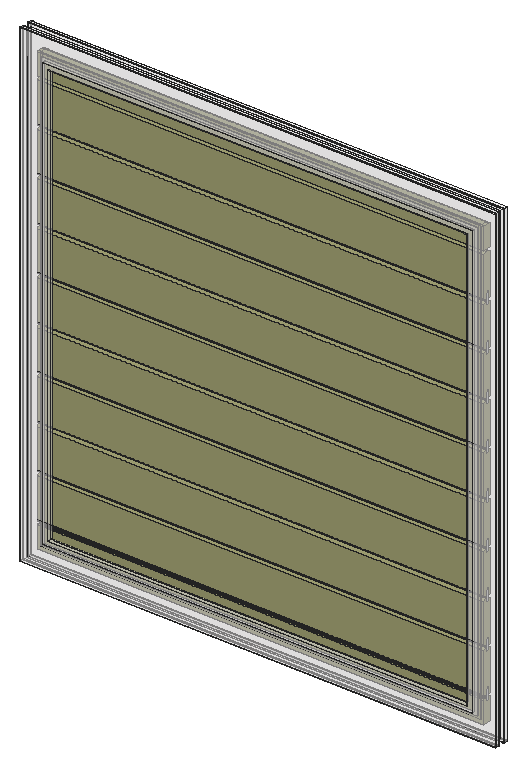
Revit family "Door-Gate-Panel_ToughGate_CityScapes", category Generic Models, Revit 2020
Family settings
  Can host rebar = No
  Round Connector Dimension = Use Diameter
  Part Type = Normal
  Work Plane-Based = No
  Always vertical = Yes
  Cut with Voids When Loaded = No
  Shared = No
  Room Calculation Point = No
Parameters
  URL = "https://cityscapesinc.com/products/envisor"
  TPole_Height = "5"
  Stiffner_Spacing = rounddown(Panel_Height / 0' 5 7/16")  # 11
  Specification = "https://www.arcat.com/company/cityscapes-international-inc-40042/spec"
  Product Page URL = "https://www.arcat.com/arcatcos/cos40/arc40042.html"
  Post_Distance = "0.778839057"
  Pole_Right_Viz = "1"
  Pole_Left_Viz = "1"
  Panel_Width = 5' - 0"
  Panel_Height = 5' - 0"
  Model = "ToughGate"
  Manufacturer = "Envisor"
  MATERIAL [instance] = MATERIAL
  LOUVER SPACING = rounddown(Panel_Height / 0' 6 31/64")  # 9
  Keynote = "32 31 00"
  FRAME MATERIAL [instance] = Default
  Default Elevation = 0' - 0"
  Copyright = "ARCAT"
  CAD Details = "https://www.arcat.com/company/cityscapes-international-inc-40042/cad"
Reference planes (in)
  plane 1 "Center (Front/Back)": y = 0
  plane 2: z = 13.6766607
  plane 3 "Center (Left/Right)": x = 0
  plane 4: z = 45.6766607
  plane 5: z = 78.0291027
  plane 6: y = 0.5
  plane 7: y = -0.5
  plane 8: z = 15.6766607
  plane 9: z = 75.6766607
  plane 10: z = 60.647558
  plane 11: z = 72.6766607
  plane 12: z = 72.1766607
  plane 13: x = -30
  plane 14: x = 30
  plane 15: x = 32
  plane 16: x = -32
  plane 17: z = 18.6766607
  plane 18: z = 19.1569069
Forms (in)
  Sweep 1, solid, material "Default" <- "FRAME MATERIAL"
    path in 3D
      loop
        line (32, 0, 78.0291027) -> (32, 0, 13.6766607) -> (-32, 0, 13.6766607) -> (-32, 0, 78.0291027) -> (32, 0, 78.0291027)
    profile "ToughGate_Profile_Head : ToughGate_Profile_Head" origin (0, 0, 78.0291027) x (0, 0, 1) y (0, -1, 0)
      loop
        line (-0.4114241, 0.3673132) -> (-0.0847654, 0.3673132)
        arc (-0.0847654, 0.3673132) -> (-0.0327268, 0.3858521) -> (-0.0054331, 0.4338809) r 0.0792727
        line (-0.0054331, 0.4338809) -> (-0.0054331, 0.9334323)
        arc (-0.0054331, 0.9334323) -> (-0.0319018, 0.9807592) -> (-0.0825992, 1) r 0.0792727
        line (-0.0825992, 1) -> (-3.125, 1) -> (-3.125, 0.6549289) -> (-2.72498, 0.6549289) -> (-2.72498, 0.5) -> (-2.4099713, 0.5)
        arc (-2.4099713, 0.5) -> (-2.373127, 0.479315) -> (-2.352442, 0.4424706) r 0.078125
        line (-2.352442, 0.4424706) -> (-2.352442, -0.4424706)
        arc (-2.352442, -0.4424706) -> (-2.373127, -0.479315) -> (-2.4099713, -0.5) r 0.078125
        line (-2.4099713, -0.5) -> (-2.72498, -0.5) -> (-2.72498, -0.6549289) -> (-3.125, -0.6549289) -> (-3.125, -1) -> (-0.0518876, -1)
        arc (-0.0518876, -1) -> (-0.0210325, -0.975954) -> (-0.0054331, -0.9400804) r 0.0792727
        line (-0.0054331, -0.9400804) -> (-0.0054331, -0.4338809)
        arc (-0.0054331, -0.4338809) -> (-0.0319018, -0.3865539) -> (-0.0825992, -0.3673132) r 0.0792727
        line (-0.0825992, -0.3673132) -> (-0.4114241, -0.3673132) -> (-0.4114241, 0.3673132)
  Sweep 2, solid, material "Default" <- "FRAME MATERIAL"
    path in 3D
      loop
        line (32, 0, 78.0291027) -> (32, 0, 13.6766607) -> (-32, 0, 13.6766607) -> (-32, 0, 78.0291027) -> (32, 0, 78.0291027)
    profile "ToughGate_Profile_SubHead : ToughGate_Profile_SubHead" origin (0, 0, 78.0291027) x (0, 0, 1) y (0, -1, 0)
      loop
        line (-3.125, -0.6549034) -> (-2.72498, -0.6549034) -> (-2.72498, -0.4999745) -> (-4.0054331, -0.4999745) -> (-4.0054331, -0.7499745)
        arc (-4.0054331, -0.7499745) -> (-3.9322098, -0.9267511) -> (-3.7554331, -0.9999745) r 0.25
        line (-3.7554331, -0.9999745) -> (-3.125, -0.9999745) -> (-3.125, -0.6549034)
  Sweep 3, solid, material "Default" <- "FRAME MATERIAL"
    path in 3D
      loop
        line (32, 0, 78.0291027) -> (32, 0, 13.6766607) -> (-32, 0, 13.6766607) -> (-32, 0, 78.0291027) -> (32, 0, 78.0291027)
    profile "ToughGate_Profile_SubHead : ToughGate_Profile_SubHead" origin (0, 0, 78.0291027) x (0, 0, 1) y (0, -1, 0)
      loop
        line (-3.125, 0.6549289) -> (-3.125, 1) -> (-3.7554331, 1)
        arc (-3.7554331, 1) -> (-3.9322098, 0.9267767) -> (-4.0054331, 0.75) r 0.25
        line (-4.0054331, 0.75) -> (-4.0054331, 0.5) -> (-2.72498, 0.5) -> (-2.72498, 0.6549289) -> (-3.125, 0.6549289)
Lines and regions (in)
  reference lines
    curve 1: line (-32, 0, 78.0291027) -> (-32, 0, 13.6766607)
    curve 2: line (32, 0, 78.0291027) -> (32, 0, 13.6766607)
    curve 3: line (-32, 0, 13.6766607) -> (32, 0, 13.6766607)
    curve 4: line (-32, 0, 78.0291027) -> (32, 0, 78.0291027)
  sketch lines
    curve 5: line (-32, 0, 78.0291027) -> (32, 0, 78.0291027)
    curve 6: line (-32, 0, 78.0291027) -> (32, 0, 78.0291027)
    curve 7: line (-32, 0, 78.0291027) -> (32, 0, 78.0291027)
    curve 8: line (-32, 0, 13.6766607) -> (32, 0, 13.6766607)
    curve 9: line (-32, 0, 78.0291027) -> (-32, 0, 13.6766607)
    curve 10: line (32, 0, 78.0291027) -> (32, 0, 13.6766607)
    curve 11: line (32, 0, 78.0291027) -> (32, 0, 13.6766607)
    curve 12: line (-32, 0, 13.6766607) -> (32, 0, 13.6766607)
    curve 13: line (-32, 0, 78.0291027) -> (-32, 0, 13.6766607)
    curve 14: line (-32, 0, 78.0291027) -> (-32, 0, 13.6766607)
    curve 15: line (32, 0, 78.0291027) -> (32, 0, 13.6766607)
    curve 16: line (-32, 0, 13.6766607) -> (32, 0, 13.6766607)
Dimensions and locks (in)
  equal spacing: plane 14, plane 3 "Center (Left/Right)", plane 13
  "Panel_Width": plane 14 to plane 13
  "Panel_Height": plane 9 to plane 8
  plane 8 to plane 2 = 0' - 2"
  locked: plane 5 to plane 9 at 2.352442
  plane 9 to nested 2 = 4' - 8.51975"
  plane 5 to plane 2 = 5' - 4.35244"
  plane 9 to plane 11 to plane 12 = 0' - 3" locked, 0' - 0 1/2" locked
  nested 2 to nested 2 = 0' - 5.3648"
  equal spacing: plane 9, plane 4, plane 8
  locked: plane 8 to plane 2 at 2
  locked: plane 13 to plane 16 at 2
  locked: plane 15 to plane 14 at 2
  locked: plane 17 to plane 8 at 3
  locked: plane 18 to plane 17 at 0.4802462
  plane 9 to plane 11 = 0' - 3"
  equal spacing: group 1, group 3, group 4, group 5, group 6, group 7, group 8, group 9, group 2  (x3)
  aligned and locked: plane 8 to nested 3
  aligned and locked: plane 9 to nested 1
  aligned and locked: nested 1 to plane 11
  aligned and locked: nested 1 to plane 14
  aligned and locked: nested 1 to plane 13
  aligned and locked: nested 3 to plane 14
  aligned and locked: nested 3 to plane 13
  aligned and locked: curve 1 to plane 16
  aligned and locked: curve 2 to plane 15
  aligned and locked: curve 3 to plane 2
  aligned and locked: curve 4 to plane 5
  aligned and locked: plane 3 "Center (Left/Right)" to nested 2
  aligned and locked: nested 2 to plane 18
  aligned and locked: plane 12 to nested 4
  aligned and locked: nested 4 to plane 1 "Center (Front/Back)"
Nested families (in)
  nested 1: "ToughGate_Panel_3inchPanel_Top" at (0, 0, 72.6766607) x (0, 1, 0) z (0, 0, 1), MATERIAL <- "MATERIAL", type "ToughGate_Panel_3inchPanel_Top"
    with MATERIAL MATERIAL, PL_Width 5' - 0"
  nested 2: "ToughGate_Panel_6inchPanel" at (0, 0, 18.9635857) x (0, 1, 0) z (0, 0, 1), MATERIAL <- "MATERIAL", RAIL MATERIAL <- "FRAME MATERIAL", type "ToughGate_Panel_6inchPanel"
    with RAIL MATERIAL Default, MATERIAL MATERIAL, PL_Width 5' - 0"
  nested 3: "ToughGate_Panel_3inchPanel_Top" at (0, 0, 15.6766607) x (0, 1, 0) z (0, 0, 1), MATERIAL <- "MATERIAL", type "ToughGate_Panel_3inchPanel_Top"
    with MATERIAL MATERIAL, PL_Width 5' - 0"
  nested 4: "ToughGate_Panel_6inchPanel" at (0, 0, 66.6185433) x (0, 1, 0) z (0, 0, 1), MATERIAL <- "MATERIAL", RAIL MATERIAL <- "FRAME MATERIAL", type "ToughGate_Panel_6inchPanel"
    with RAIL MATERIAL Default, MATERIAL MATERIAL, PL_Width 5' - 0"
  nested 5: "ToughGate_Panel_6inchPanel" at (0, 0, 24.9204554) x (0, 1, 0) z (0, 0, 1), MATERIAL <- "MATERIAL", RAIL MATERIAL <- "FRAME MATERIAL", type "ToughGate_Panel_6inchPanel"
    with RAIL MATERIAL Default, MATERIAL MATERIAL, PL_Width 5' - 0"
  nested 6: "ToughGate_Panel_6inchPanel" at (0, 0, 30.8773251) x (0, 1, 0) z (0, 0, 1), MATERIAL <- "MATERIAL", RAIL MATERIAL <- "FRAME MATERIAL", type "ToughGate_Panel_6inchPanel"
    with RAIL MATERIAL Default, MATERIAL MATERIAL, PL_Width 5' - 0"
  nested 7: "ToughGate_Panel_6inchPanel" at (0, 0, 36.8341948) x (0, 1, 0) z (0, 0, 1), MATERIAL <- "MATERIAL", RAIL MATERIAL <- "FRAME MATERIAL", type "ToughGate_Panel_6inchPanel"
    with RAIL MATERIAL Default, MATERIAL MATERIAL, PL_Width 5' - 0"
  nested 8: "ToughGate_Panel_6inchPanel" at (0, 0, 42.7910645) x (0, 1, 0) z (0, 0, 1), MATERIAL <- "MATERIAL", RAIL MATERIAL <- "FRAME MATERIAL", type "ToughGate_Panel_6inchPanel"
    with RAIL MATERIAL Default, MATERIAL MATERIAL, PL_Width 5' - 0"
  nested 9: "ToughGate_Panel_6inchPanel" at (0, 0, 48.7479342) x (0, 1, 0) z (0, 0, 1), MATERIAL <- "MATERIAL", RAIL MATERIAL <- "FRAME MATERIAL", type "ToughGate_Panel_6inchPanel"
    with RAIL MATERIAL Default, MATERIAL MATERIAL, PL_Width 5' - 0"
  nested 10: "ToughGate_Panel_6inchPanel" at (0, 0, 54.7048039) x (0, 1, 0) z (0, 0, 1), MATERIAL <- "MATERIAL", RAIL MATERIAL <- "FRAME MATERIAL", type "ToughGate_Panel_6inchPanel"
    with RAIL MATERIAL Default, MATERIAL MATERIAL, PL_Width 5' - 0"
  nested 11: "ToughGate_Panel_6inchPanel" at (0, 0, 60.6616736) x (0, 1, 0) z (0, 0, 1), MATERIAL <- "MATERIAL", RAIL MATERIAL <- "FRAME MATERIAL", type "ToughGate_Panel_6inchPanel"
    with RAIL MATERIAL Default, MATERIAL MATERIAL, PL_Width 5' - 0"
Definition of nested family "ToughGate_Panel_3inchPanel_Top"
  Parameters (values of type "ToughGate_Panel_3inchPanel_Top")
    PL_Width = 4' - 9"
    PL_FrameThickness = 2' - 0"
    MATERIAL [instance] = none
    Default Elevation = 0' - 0"
  Reference planes (in)
    plane 1 "Center (Front/Back)": y = 0
    plane 2: z = 0
    plane 3 "Center (Left/Right)": x = 0
    plane 4: y = 28.5
    plane 5: y = -28.5
    plane 6: x = -12
    plane 7: x = 12
    plane 8: z = 2.9424706
  Forms (in)
    Extrusion 1, solid, material <- "MATERIAL"
      sketch origin (0, 0, 0) x (1, 0, 0) y (0, 0, 1)
        loop
          arc (0.5, 2.9424706) -> (0.479315, 2.979315) -> (0.4424706, 3) r 0.078125
          line (0.4424706, 3) -> (-0.4424706, 3)
          arc (-0.4424706, 3) -> (-0.479315, 2.979315) -> (-0.5, 2.9424706) r 0.078125
          line (-0.5, 2.9424706) -> (-0.5, 0) -> (0.5, 0) -> (0.5, 2.9424706)
      from -28.5 to 28.5
  Dimensions and locks (in)
    equal spacing: plane 6, plane 3 "Center (Left/Right)", plane 7
    equal spacing: plane 4, plane 1 "Center (Front/Back)", plane 5
    "PL_Width": plane 4 to plane 5
    "PL_FrameThickness": plane 6 to plane 7
    aligned and locked: plane 2 to level
    aligned and locked: plane 4 to Extrusion 1
    aligned and locked: Extrusion 1 to plane 5
  Automatic sketch dimensions
    Extrusion 1 sketch curve to level = 0' - 0"
    plane 3 "Center (Left/Right)" to Extrusion 1 sketch curve = 0' - 0.44247"
    Extrusion 1 sketch curve to Extrusion 1 sketch curve = 0' - 2.94247"
    Extrusion 1 sketch curve to plane 3 "Center (Left/Right)" = 0' - 0.44247"
    Extrusion 1 sketch curve to Extrusion 1 sketch curve = 0' - 0.05753"  (x3)
    Extrusion 1 sketch curve to Extrusion 1 sketch curve = 0' - 0.0184"  (x3)
Definition of nested family "ToughGate_Panel_6inchPanel"
  Parameters (values of type "ToughGate_Panel_6inchPanel")
    RAIL MATERIAL [instance] = none
    PL_Width = 4' - 0"
    PL_FrameThickness = 2' - 0"
    MATERIAL [instance] = none
    FRAME MATERIAL = none
    Default Elevation = 0' - 0"
  Reference planes (in)
    plane 1 "Center (Front/Back)": y = 0
    plane 2: z = 0
    plane 3 "Center (Left/Right)": x = 0
    plane 4: y = 24
    plane 5: y = -24
    plane 6: x = -12
    plane 7: x = 12
    plane 8: z = 5.5581174
    plane 9: z = 0.1933213
  Forms (in)
    Extrusion 1, solid, material <- "MATERIAL"
      sketch origin (0, 0, 0) x (1, 0, 0) y (0, 0, 1)
        loop
          arc (-0.5, 0.2013563) -> (0, 0) -> (0.5, 0.2013563) r 0.7214682
          line (0.5, 0.2013563) -> (0.5, 5.5581174)
          arc (0.5, 5.5581174) -> (0, 5.7594737) -> (-0.5, 5.5581174) r 0.7214682
          line (-0.5, 5.5581174) -> (-0.5, 0.2013563)
      from -24 to 24
    Extrusion 2, solid, material <- "FRAME MATERIAL"
      sketch origin (0, 0, -5.6365524) x (1, 0, 0) y (0, 0, 1)
        loop
          line (-0.0725043, 6.5798737) -> (-0.0725043, 5.0798737) -> (0.0725043, 5.0798737) -> (0.0725043, 6.5798737) -> (-0.0725043, 6.5798737)
      from -24 to 24
  Dimensions and locks (in)
    equal spacing: plane 6, plane 3 "Center (Left/Right)", plane 7
    equal spacing: plane 4, plane 1 "Center (Front/Back)", plane 5
    "PL_Width": plane 4 to plane 5
    "PL_FrameThickness": plane 6 to plane 7
    aligned and locked: plane 2 to level
    aligned and locked: plane 4 to Extrusion 1
    aligned and locked: Extrusion 1 to plane 5
    aligned and locked: Extrusion 2 to plane 5
    aligned and locked: plane 4 to Extrusion 2
  Automatic sketch dimensions
    Extrusion 1 sketch curve to plane 3 "Center (Left/Right)" = 0' - 0"  (x2)
    Extrusion 1 sketch curve to plane 3 "Center (Left/Right)" = 0' - 0 1/2"
    level to Extrusion 1 sketch curve = 0' - 0.20136"
    plane 3 "Center (Left/Right)" to Extrusion 1 sketch curve = 0' - 0 1/2"
    level to Extrusion 1 sketch curve = 0' - 0.72147"
    Extrusion 1 sketch curve to Extrusion 1 sketch curve = 0' - 4.31654"
    Extrusion 1 sketch curve to Extrusion 1 sketch curve = 0' - 0.52011"
    Extrusion 2 sketch curve to plane 8 = 0' - 6.1148"
    Extrusion 2 sketch curve to plane 3 "Center (Left/Right)" = 0' - 0.0725"
    plane 3 "Center (Left/Right)" to Extrusion 2 sketch curve = 0' - 0.0725"
    Extrusion 2 sketch curve to plane 8 = 0' - 4.6148"
